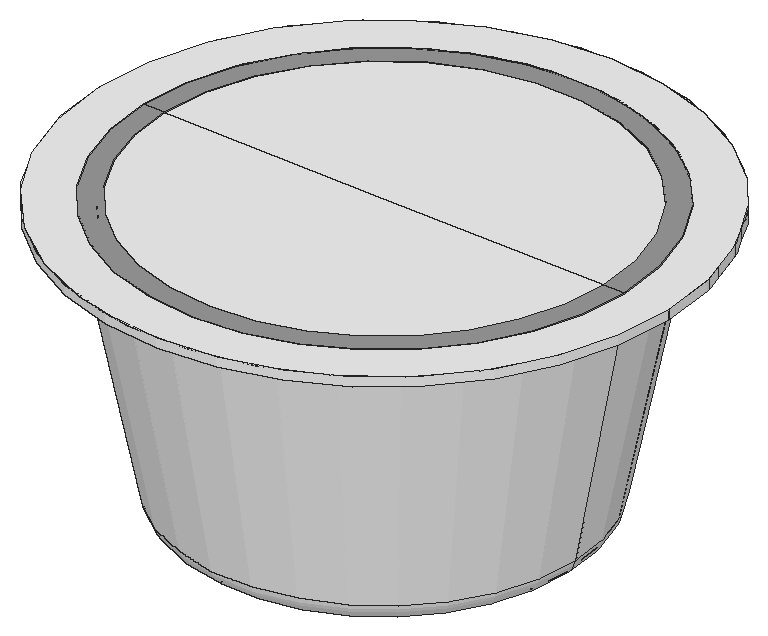
Revit family "2060708", category Lighting Fixtures, host Face, Revit 2018
Family settings
  Host = Face
  Round Connector Dimension = Use Diameter
  Part Type = Normal
  OmniClass Number = 23.80.70.11.17
  OmniClass Title = Specialized Lighting by Location or Use
  Cut with Voids When Loaded = No
  Light Source = Yes
  Shared = No
  Room Calculation Point = No
Parameters (values of type "2060708 ASC100 II ARCH 3650 4K IP65 DALI 160")
  WidthBezelAcc_SYL = 25.0 mm
  Weight = "n/a"
  Wattage = 7 W
  WarrantyStartDate [instance] = "n/a"
  WarrantyGuarantorParts = "n/a"
  WarrantyDurationUnit = "n/a"
  WarrantyDurationParts = ""
  WarrantyDescription = "http://www.sylvania-lighting.com"
  built-in parameter 1150110 = 1 (stored number, unit not read)
  Voltage = 0 V
  VisibilityAccessory_SYL = no
  TypeName = "ASCENT 100 II ARCH 3650 4K IP65 DALI 160"
  built-in parameter 1114217 = 1 (stored number, unit not read)
  Tilt Angle = -90°
  built-in parameter 1150109 = 1 (stored number, unit not read)
  built-in parameter 1150134 = (empty or 0)
  built-in parameter 1150113 = 1 (stored number, unit not read)
  SerialNumber [instance] = "n/a"
  ReflectorRadius_SYL = Radius_SYL - 14.5 mm  # 80.0 mm
  RadiusAcc_SYL = 104.5 mm
  Radius_SYL = 94.5 mm
  URL = "0.95"
  PowerFactor = 0
  PowerConsumption = "Lighting"
  Photometric Web File = "2060708.ies"
  NominalWidth = 0.0 mm
  NominalLength = 209.0 mm
  NominalHeight = 94.0 mm
  Name = "ASCENT 100 II ARCH 3650 4K IP65 DALI 160"
  ModelReference = "ASCENT 100 II ARCH 3650 4K IP65 DALI 160"
  ModelNumber = "2060708"
  Material_4_SYL = none
  Material_3_SYL = Polycarbonate_Sylvania_Ascent_Opal
  Material_2_SYL = Aluminium_Sylvania_Ascent_Silver
  Material_1_SYL = Aluminum_Sylvania_Ascent_White
  Material = "Feilo Sylvania"
  ManufacturerName = "122 lm/W"
  LuminousEfficacy = ""
  built-in parameter 1150105 = 76.872 (stored number, unit not read)
  Lumens = 966 lm
  LuminaireType = "0"
  built-in parameter 1150115 = 1 (stored number, unit not read)
  LightOutputRatio = "LED"
  built-in parameter 1150137 = (empty or 0)
  built-in parameter 1150139 = (empty or 0)
  LampsType = Lamp  # "n/a"
  LampNominalLuminous = "4000 K"
  LampMacAdamStep = "80"
  LampColourTemperature = "LED"
  LampColourRenderingIndex = "16500"
  built-in parameter 1150112 = 1 (stored number, unit not read)
  built-in parameter 1150114 = 1 (stored number, unit not read)
  Keynote = "n/a"
  InstallationDate [instance] = "n/a"
  InputVoltage = "0"
  InputNominalFrequency = "4000"
  built-in parameter 1150132 = (empty or 0)
  built-in parameter 1150102 = (empty or 0)
  built-in parameter 1150107 = 3000 (stored number, unit not read)
  built-in parameter 1150138 = (empty or 0)
  IngressProtection = "IfcLightFixtureType"
  ImpactProtectionIndex = "IfcLightFixtureType"
  built-in parameter 1150106 = 0.76872 (stored number, unit not read)
  IfcExportType = "IfcLightFixtureType"
  IfcExportAs = "Class II"
  HeightAcc_SYL = 7.0 mm
  Height = 96.0 mm
  ExpectedLife = 50000
  EmittionSurface_SYL = if(VisibilityAccessory_SYL, 7.0 mm, 3.0 mm)  # 3.0 mm
  Emit from Circle Diameter = DiffuserRadius_SYL * 2  # 146.0 mm
  Emit Shape Visible in Rendering = no
  ElectricShockClassification = "122"
  built-in parameter 1150104 = 12.821 (stored number, unit not read)
  DurationUnit = "hours"
  DocumentationLiterature = "http://www.sylvania-lighting.com/product/en-int/products/2060708"
  DimmingControlOptions = "n/a"
  Dimming Lamp Color Temperature Shift = <None>
  DiffuserRadius_SYL = ReflectorRadius_SYL - 7.0 mm  # 73.0 mm
  Diameter_SYL = 2 * Radius_SYL  # 189.0 mm
  CutoutDiameter_SYL = Diameter_SYL - 13.0 mm  # 176.0 mm
  CreatedOn = "08/06/2021"
  CreatedBy = "@sylvania-lighting.com"
  Color Filter = 16777215
  built-in parameter 1114216 [instance] = 1 (stored number, unit not read)
  Model = "ASCENT 100 II ARCH 3650 4K IP65 DALI 160"
  Manufacturer = ""
  Lamp = "n/a"
  Description = "Direct LED retro fit for original LED 100 Arch (160) single CFL lamp offering Matching lumen levels and improved light distribution of original LED 100 CFL lamp equivalents Typically half the power consumption compared to CFL Up to 112lm/W 160mm aperture Architectural reflector accepts range of glass accessories from existing LED 100 Arch 160 offering HE, HO and VHO versions equivalent of single 1 x 18W, 1 x 32W, 1 x 42W\r\n Additional VVHO versions which offer the performance circa 2 x 32W equivalent"  # constant formula
  Default Elevation = 0.0 mm
  built-in parameter 1140040 [instance] = 1
  BarCode [instance] = "n/a"
  built-in parameter 1114218 = 1 (stored number, unit not read)
  built-in parameter 1150133 = 10 (stored number, unit not read)
  AssetType = "Fixed"
  AssetIdentifier [instance] = "n/a"
  Assembly Code = "D5020200"
  Apparent Load = 30 VA
  Aperture_SYL = 2 * ReflectorRadius_SYL  # 160.0 mm
Reference planes
  plane 1 "Center (Front/Back)": y = 0
  plane 2: z = 0
  plane 3 "Center (Left/Right)": x = 0
  plane 4 "Fixture Bottom": z = 3
  plane 5: z = -52.5
  plane 6 "Fixture Top": z = -89
  plane 7: x = -104.5
  plane 8: z = 7
  plane 9: x = -79.5
  plane 10: z = 5
  plane 11: x = -102.5
Forms (mm)
  Extrusion 1, solid, material "Aluminum_Sylvania_Ascent_White", detail levels fine
    sketch origin (0, 0, 0) x (1, 0, 0) y (0, 1, 0)
      loop
        circle (0, 0) r 94.5
      loop
        circle (0, 0) r 80
    from 0 to 3
  Extrusion 2, void
    sketch origin (0, 0, 0) x (1, 0, 0) y (0, 1, 0)
      loop
        circle (0, 0) r 88
    from -89 to 3
  Revolve 3, solid, material "Aluminum_Sylvania_Ascent_White" <- "Material_1_SYL", detail levels fine
    sketch origin (0, 0, 0) x (1, 0, 0) y (0, 0, 1)
      loop
        line (0, -89.073) -> (0, -87.023) -> (-55.468, -87.014)
        arc (-55.468, -87.014) -> (-59.352, -85.613) -> (-61.54, -82.139) r 6.307
        line (-61.54, -82.139) -> (-77.991, -2.838) -> (-77.991, 0) -> (-80, 0) -> (-80, -3) -> (-63.5, -82.536)
        arc (-63.5, -82.536) -> (-60.643, -87.203) -> (-55.5, -89.073) r 8.291
        line (-55.5, -89.073) -> (0, -89.073)
      axis (0, 0) -> (0, -89.073)
    angle from 0 to 360
  Revolve 4, solid, material "Aluminium_Sylvania_Ascent_Silver" <- "Material_2_SYL", detail levels fine
    sketch origin (0, 0, 0) x (1, 0, 0) y (0, 0, 1)
      loop
        line (-80, 3) -> (-80, 0) -> (-75, 0)
        arc (-75, 0) -> (-72.349, -26.77) -> (-64.5, -52.5) r 136.5
        line (-64.5, -52.5) -> (-58, -52.5)
        arc (-58, -52.5) -> (-56.857, -61.521) -> (-53.5, -69.971) r 36.166
        line (-53.5, -69.971) -> (0, -69.971) -> (0, -50.5) -> (-63.16, -50.5)
        arc (-63.16, -50.5) -> (-70.517, -25.725) -> (-73, 0) r 134.5
        line (-73, 0) -> (-73, 3) -> (-80, 3)
      axis (0, 3) -> (0, -69.971)
    angle from 0 to 360
  Revolve 5, solid, material "Aluminum_Sylvania_Ascent_White" <- "Material_1_SYL", detail levels medium+fine
    sketch origin (0, 0, 0) x (1, 0, 0) y (0, 0, 1)
      loop
        line (0, -89.073) -> (0, 3) -> (-94.5, 3) -> (-94.5, 0) -> (-79.5, 0) -> (-79.5, -3) -> (-63, -82.536)
        arc (-63, -82.536) -> (-60.143, -87.203) -> (-55, -89.073) r 8.291
        line (-55, -89.073) -> (0, -89.073)
      axis (0, 3) -> (0, -89.073)
    angle from 0 to 360
  Revolve 6, solid, material "Aluminum_Sylvania_Ascent_White" <- "Material_1_SYL", visible <- "VisibilityAccessory_SYL", detail levels medium+fine
    sketch origin (0, 0, 0) x (1, 0, 0) y (0, 0, 1)
      loop
        line (-104.5, 0) -> (-102.5, 0) -> (-102.5, 5) -> (-79.5, 5) -> (-79.5, 7) -> (-104.5, 7) -> (-104.5, 0)
      axis (0, 7) -> (0, 0)
    angle from 0 to 360
  Extrusion 7, solid, detail levels coarse
    sketch origin (0, 0, 0) x (1, 0, 0) y (0, 0, 1)
      loop
        line (104.421, 7) -> (-104.5, 7) -> (-104.5, -89) -> (104.421, -89) -> (104.421, 7)
    from -104.368 to 104.563
Lines and regions (mm)
  reference lines
    curve 1: line (-149.5, 0, 3) -> (125, 0, 3)
Dimensions and locks
  locked: plane 4 "Fixture Bottom" to plane 2 at 3
  "ReflectorRadius_SYL": plane 3 "Center (Left/Right)" to Revolve 4 sketch curve
  locked: Revolve 4 sketch curve to Revolve 4 sketch curve at 15.5
  locked: Revolve 4 sketch curve to Revolve 4 sketch curve at 5
  locked: Revolve 4 sketch curve to Revolve 4 sketch curve at 7
  locked: Revolve 4 sketch curve to Revolve 4 sketch curve at 22
  locked: Revolve 4 sketch curve to Revolve 4 sketch curve at 26.5
  locked: Revolve 3 sketch curve to Revolve 3 sketch curve at 16.5
  locked: Revolve 3 sketch curve to Revolve 3 sketch curve at 24.5
  "ReflectorRadius_SYL": Revolve 3 sketch curve to plane 3 "Center (Left/Right)"
  locked: Revolve 3 sketch curve to plane 6 "Fixture Top" at 6.464
  locked: plane 2 to Revolve 3 sketch curve at 3
  locked: Revolve 3 sketch curve to Revolve 3 sketch curve at 2
  locked: Revolve 3 sketch curve to Revolve 3 sketch curve at 2.009
  locked: plane 2 to plane 5 at 52.5
  locked: Revolve 5 sketch curve to Revolve 5 sketch curve at 31.5
  locked: Revolve 5 sketch curve to Revolve 5 sketch curve at 39.5
  locked: Revolve 5 sketch curve to Revolve 5 sketch curve at 15
  "Radius_SYL": plane 3 "Center (Left/Right)" to Revolve 5 sketch curve
  "RadiusAcc_SYL": plane 3 "Center (Left/Right)" to plane 7
  "HeightAcc_SYL": plane 8 to level
  locked: plane 7 to plane 11 at 2
  locked: plane 8 to plane 10 at 2
  "Height": plane 6 "Fixture Top" to plane 8
  "CutoutDiameter_SYL": diameter of Extrusion 2 sketch curve
  "ReflectorRadius_SYL": radius of Extrusion 1 sketch curve
  "Radius_SYL": radius of Extrusion 1 sketch curve
  aligned and locked: host face to plane 2
  aligned and locked: host face to level
  aligned and locked: plane 4 "Fixture Bottom" to Extrusion 1
  aligned and locked: Extrusion 1 to plane 2
  aligned and locked: Revolve 3 sketch curve to plane 3 "Center (Left/Right)"
  aligned and locked: Revolve 4 sketch curve to plane 3 "Center (Left/Right)"  (x2)
  aligned and locked: plane 4 "Fixture Bottom" to Revolve 4 sketch curve
  aligned and locked: plane 2 to Revolve 3 sketch curve  (x2)
  aligned and locked: Revolve 5 sketch curve to plane 3 "Center (Left/Right)"
  aligned and locked: plane 6 "Fixture Top" to Extrusion 2
  aligned and locked: Revolve 6 sketch curve to plane 3 "Center (Left/Right)"
  aligned and locked: host face to Revolve 6 sketch curve  (x2)
  aligned and locked: Revolve 6 sketch curve to plane 7
  aligned and locked: plane 8 to Revolve 6 sketch curve
  aligned and locked: plane 9 to Revolve 6 sketch curve
  aligned and locked: Revolve 6 sketch curve to plane 10
  aligned and locked: plane 11 to Revolve 6 sketch curve
  aligned and locked: plane 3 "Center (Left/Right)" to imposter light
  aligned and locked: imposter light to plane 1 "Center (Front/Back)"
  aligned and locked: imposter light to curve 1
Automatic sketch dimensions
  plane 1 "Center (Front/Back)" to Extrusion 2 sketch curve = 0.0 mm
  Extrusion 2 sketch curve to plane 3 "Center (Left/Right)" = 0.0 mm
  Extrusion 1 sketch curve to Extrusion 1 sketch curve = 0.0 mm  (x2)
  plane 1 "Center (Front/Back)" to Extrusion 1 sketch curve = 0.0 mm
  Extrusion 1 sketch curve to plane 3 "Center (Left/Right)" = 0.0 mm
  plane 6 "Fixture Top" to Revolve 3 sketch curve = 0.073 mm
  Revolve 3 sketch curve to plane 6 "Fixture Top" = 6.861 mm
  Revolve 3 sketch curve to Revolve 3 sketch curve = 0.003 mm
  Revolve 3 sketch curve to Revolve 3 sketch curve = 0.009 mm  (x2)
  Revolve 3 sketch curve to Revolve 3 sketch curve = 0.023 mm
  Revolve 3 sketch curve to Revolve 3 sketch curve = 0.072 mm
  Revolve 3 sketch curve to Revolve 3 sketch curve = 0.008 mm
  Revolve 3 sketch curve to plane 6 "Fixture Top" = 1.977 mm
  Revolve 3 sketch curve to Revolve 3 sketch curve = 33.496 mm
  Revolve 3 sketch curve to Revolve 3 sketch curve = 0.028 mm
  plane 4 "Fixture Bottom" to Revolve 3 sketch curve = 82.431 mm
  Revolve 4 sketch curve to Revolve 4 sketch curve = 0.0 mm  (x2)
  Revolve 4 sketch curve to plane 5 = 0.0 mm
  Revolve 4 sketch curve to level = 0.0 mm
  plane 5 to Revolve 4 sketch curve = 2.0 mm
  plane 4 "Fixture Bottom" to Revolve 4 sketch curve = 9.642 mm
  Revolve 4 sketch curve to level = 69.971 mm
  Revolve 4 sketch curve to Revolve 4 sketch curve = 2.387 mm
  Revolve 5 sketch curve to level = 0.0 mm
  Revolve 5 sketch curve to plane 3 "Center (Left/Right)" = 0.0 mm
  Revolve 5 sketch curve to Revolve 5 sketch curve = 8.104 mm
  Revolve 5 sketch curve to level = 3.0 mm
  Revolve 5 sketch curve to plane 6 "Fixture Top" = 6.464 mm
  plane 6 "Fixture Top" to Revolve 5 sketch curve = 0.073 mm
  Revolve 5 sketch curve to Revolve 5 sketch curve = 33.496 mm
  plane 4 "Fixture Bottom" to Revolve 5 sketch curve = 82.431 mm
  host sketch curve to host sketch curve = 1704.996 mm
  host sketch curve to host sketch curve = 1500.0 mm
  plane 6 "Fixture Top" to Revolve 6 sketch curve = 281.274 mm
  Revolve 6 sketch curve to plane 8 = 1140.706 mm
  Revolve 3 sketch curve to plane 3 "Center (Left/Right)" = 0.0 mm
  Revolve 5 sketch curve to plane 4 "Fixture Bottom" = 0.0 mm
  plane 7 to curve 1 = 45.0 mm
  plane 3 "Center (Left/Right)" to curve 1 = 125.0 mm
  curve 1 to plane 4 "Fixture Bottom" = 0.0 mm
  plane 7 to Extrusion 7 sketch curve = 0.0 mm
  Extrusion 7 sketch curve to plane 6 "Fixture Top" = 0.0 mm
  Extrusion 7 sketch curve to plane 8 = 0.0 mm
  plane 3 "Center (Left/Right)" to Extrusion 7 sketch curve = 104.421 mm
Connectors
  electrical at (0, 0, -89.073), driven by "Apparent Load"
    settings: on Revolve 3, index 1, voltage 240 V, apparent load 0 VA, apparent load phase1 30 VA, apparent load phase2 0 VA, apparent load phase3 0 VA, power factor 1, load classification "Lighting", number of poles 1, system type 31, power factor state 1, is connector primary yes, connector utility no, sub classification motor no, connector description ""
